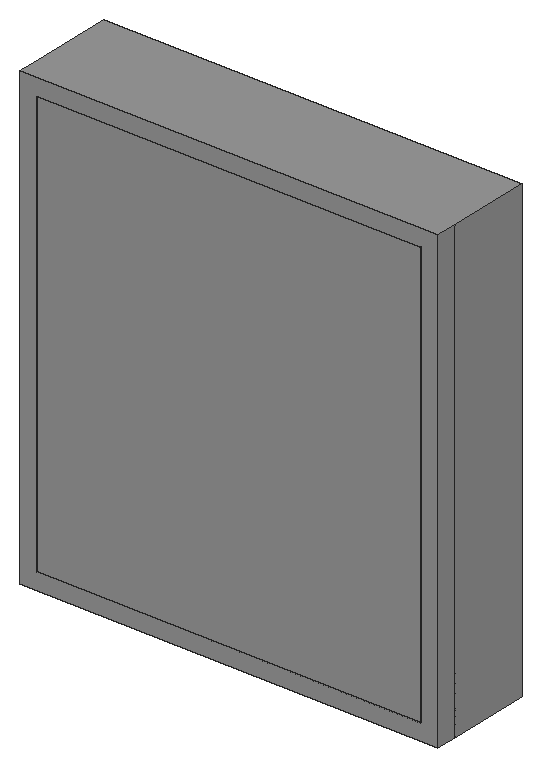
Revit family "P5C", category 櫥櫃, Revit 2023
Family settings
  OmniClass 編號 = 23.40.35.00
  OmniClass 標題 = Casework
  以工作平面為基礎 = 否
  總是垂直 = 是
  載入時使用空心切割 = 否
  共用 = 否
  房間計算點 = 否
Parameters
  預設高程 = 0 mm
  深度 = 250 mm
  高度 = 1100 mm
  寬度 = 1000 mm
Reference planes
  plane 1 "後": y = 0
  plane 2: z = 0
  plane 3 "中心 (左/右)": x = 44.7
  plane 4 "前": y = -250
  plane 5 "左": x = -455.3
  plane 6 "右": x = 544.7
  plane 7 "頂部": z = 1100
Forms (mm)
  Extrusion 1, solid, material "鐵、鍛造"
    sketch origin (0, 0, 0) x (1, 0, 0) y (0, 1, 0)
      loop
        line (-455.3, 0) -> (-455.3, -200) -> (-455.3, -220) -> (544.7, -220) -> (544.7, -200) -> (544.7, 0) -> (-455.3, 0)
    from 0 to 1100
  Extrusion 2, void
    sketch origin (-5, -250, -25) x (1, 0, 0) y (0, 0, 1)
      loop
        line (-375.3, 1085) -> (-375.3, 65) -> (474.7, 65) -> (474.7, 1085) -> (-375.3, 1085)
    from -30 to -218.722
  Extrusion 3, solid, material "鐵、鍛造"
    sketch origin (815.38, 0, 0) x (1, 0, 0) y (0, 1, 0)
      loop
        line (-1230.679, -250) -> (-310.679, -250) -> (-310.679, -220) -> (-1230.679, -220) -> (-1230.679, -250)
    from 40 to 1060
  Extrusion 4, solid, material "鐵、鍛造"
    sketch origin (0, -250, 0) x (1, 0, 0) y (0, 0, 1)
      loop
        line (-455.3, 1100) -> (-455.3, 0) -> (544.7, 0) -> (544.7, 1100) -> (-455.3, 1100)
      loop
        line (-415.3, 1060) -> (-415.3, 40) -> (504.7, 40) -> (504.7, 1060) -> (-415.3, 1060)
    from -30 to 0
Cuts and joins
  Extrusion 2 cuts Extrusion 1
  joined: Extrusion 1, Extrusion 4
Dimensions and locks
  "寬度": plane 6 "右" to plane 5 "左"
  equal spacing: plane 6 "右", plane 3 "中心 (左/右)", plane 5 "左"
  "深度": plane 4 "前" to plane 1 "後"
  "高度": level to plane 7 "頂部"
  Extrusion 2 to level = 1060 mm
  aligned and locked: level to plane 2
Automatic sketch dimensions
  plane 5 "左" to Extrusion 2 sketch curve = 75 mm
  level to Extrusion 2 sketch curve = 40 mm
  Extrusion 2 sketch curve to plane 6 "右" = 75 mm
  plane 7 "頂部" to Extrusion 2 sketch curve = 40 mm
  plane 4 "前" to Extrusion 3 sketch curve = 0 mm
  Extrusion 3 sketch curve to plane 6 "右" = 40 mm
  Extrusion 3 sketch curve to Extrusion 3 sketch curve = 920 mm
  Extrusion 3 sketch curve to plane 4 "前" = 30 mm
  plane 1 "後" to Extrusion 1 sketch curve = 0 mm
  Extrusion 1 sketch curve to plane 5 "左" = 0 mm
  Extrusion 1 sketch curve to plane 6 "右" = 0 mm
  Extrusion 1 sketch curve to plane 4 "前" = 30 mm
  Extrusion 1 sketch curve to plane 4 "前" = 50 mm  (x2)
  Extrusion 4 sketch curve to level = 0 mm
  Extrusion 4 sketch curve to plane 5 "左" = 0 mm
  Extrusion 4 sketch curve to plane 6 "右" = 0 mm
  Extrusion 4 sketch curve to plane 7 "頂部" = 0 mm
  plane 5 "左" to Extrusion 4 sketch curve = 40 mm
  Extrusion 4 sketch curve to plane 6 "右" = 40 mm
  level to Extrusion 4 sketch curve = 40 mm
  plane 7 "頂部" to Extrusion 4 sketch curve = 40 mm
